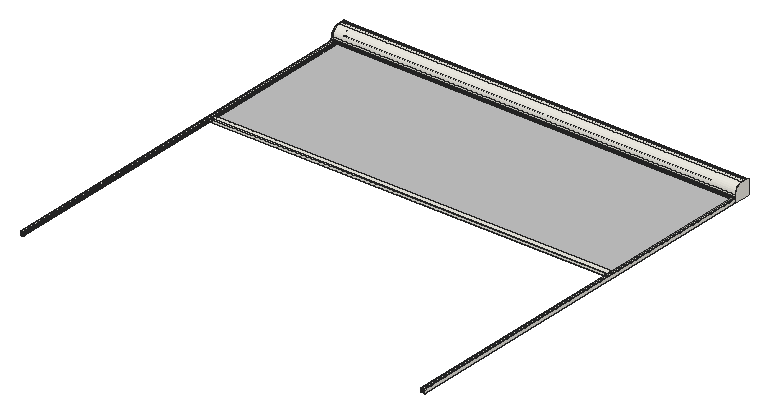
Revit family "Windows_Blinds_Nimex_SC_100", category Specialty Equipment, host Face, Revit 2018
Family settings
  Host = Face
  Round Connector Dimension = Use Diameter
  Part Type = Normal
  OmniClass Number = 23.40.10.14
  OmniClass Title = Exterior Specialties
  Cut with Voids When Loaded = No
  Shared = No
  Room Calculation Point = No
Parameters (values of type "SC 100")
  TotalWidthControl [instance] = if(TotalWidth < 700 mm, 700 mm, if(TotalWidth > 2700 mm, 2700 mm, TotalWidth))  # 2700 mm
  WarrantyStartDate [instance] = "n/a"
  WarrantyGuarantorParts = "n/a"
  WarrantyGuarantorLabor = "n/a"
  WarrantyDurationUnit = "Years"
  WarrantyDurationParts = "n/a"
  WarrantyDurationLabor = "n/a"
  WarrantyDescription = "n/a"
  VersionDate = "15/04/2021"  # constant formula
  Version = "1"  # constant formula
  Uniclass2015Reference = "Ss_25_12_60_65"
  Uniclass2015Description = "Privacy screen systems"
  Uniclass2 = "Ss_25_12_60_65"
  URL = "https://elissi.se/screen-sc100/"
  Type Comments = ""
  TotalWidth [instance] = 2700 mm
  TotalHeight [instance] = 2700 mm
  TagNumber [instance] = "n/a"
  SustainabilityPerformance = "n/a"
  Size = "2700x100x2700 mm"
  Shape = "Sculptured"
  SerialNumber [instance] = "n/a"
  ScreenHeightControl [instance] = if(ScreenHeightPosition < 0 mm, 0 mm, if(ScreenHeightPosition > TotalHeightControl - 147 mm, TotalHeightControl - 147 mm, ScreenHeightPosition))  # 1000 mm
  ScreenHeightPosition [instance] = 1000 mm
  Revision = "n/a"
  ReplacementCost = "n/a"
  ProductInformation = "n/a"
  ProductDatasheet = ""
  NominalWidth [instance] = TotalWidthControl  # 2700 mm
  NominalHeight [instance] = TotalHeightControl  # 2700 mm
  NominalDepth = 100 mm
  Name = "Nimex_SC_100"
  NBSReference = "25-05-60/165"
  NBSDescription = "Privacy screen system"
  ModelReference = "n/a"
  ModelNumber = "n/a"
  Model = "SC 100"
  Material = "Aluminum & plastic"
  ManufacturerURL = "https://www.nimex.se/"
  ManufacturerName = "Nimex"
  Manufacturer = ManufacturerName  # "Nimex"
  InstallationDate [instance] = "n/a"
  IfcExportType = "BLIND"  # constant formula
  IfcExportAs = "IfcShadingDeviceType"  # constant formula
  TotalHeightControl [instance] = if(TotalHeight < 150 mm, 150 mm, if(TotalHeight > 2700 mm, 2700 mm, TotalHeight))  # 2700 mm
  Grade = "n/a"
  Finish = "Profile color Lacquered aluminum profile. White, gray or black. Optional RAL color at extra cost. Material Plastic details in black or white."
  Features = "Sun protection type Fiberglass-based screen weave."
  ExpectedLife = "n/a"
  DurationUnit = "Years"
  Description = ""
  Default Elevation = 0 mm
  Constituents = "n/a"
  Color = "Various"
  CodePerformance = "n/a"
  Category = "Screens"
  Brand = "Elissi"
  BlindSecondaryMaterial [instance] = White steel
  BlindMainMaterial [instance] = 321707 Pearl-white
  Barcode [instance] = "n/a"
  BIMObjectName = "Windows_Blinds_Nimex_SC_100"
  Author = "BIMStone"  # constant formula
  AssetType = "Fixed"
  AssetIdentifier [instance] = "n/a"
  Assembly Code = ""
  AccessibilityPerformance = "n/a"
Reference planes
  plane 1 "Center (Front/Back)": y = 0
  plane 2: z = 0
  plane 3 "Center (Left/Right)": x = 0
  plane 4: x = -1350
  plane 5: x = 1350
  plane 6: y = 2700
  plane 7: z = 100
Dimensions and locks
  equal spacing: plane 4, plane 3 "Center (Left/Right)", plane 5
  "NominalWidth": plane 4 to plane 5
  "NominalHeight": plane 6 to plane 1 "Center (Front/Back)"
  "NominalDepth": plane 2 to plane 7
  aligned and locked: host face to plane 2
  aligned and locked: level to host face
  aligned and locked: nested 1 to plane 2
  aligned and locked: nested 1 to plane 1 "Center (Front/Back)"
  aligned and locked: plane 3 "Center (Left/Right)" to nested 1
Automatic sketch dimensions
  host sketch curve to host sketch curve = 5000 mm
  host sketch curve to host sketch curve = 5719.2 mm
Nested families
  nested 1: "SC_100" at (0, 0, 29.5) x (1, 0, 0) z (0, 1, 0), FrameMaterial <- "BlindSecondaryMaterial", ScreenMaterial <- "BlindMainMaterial", ScreenHeigthControl <- "ScreenHeightControl", TotalHeightControl <- "TotalHeightControl", TotalWidthControl <- "TotalWidthControl", type "SC_100"
    with TotalWidthControl 2700 mm, TotalHeightControl 2700 mm, ScreenMaterial 321707 Pearl-white, ScreenHeigthControl 1000 mm, FrameMaterial White steel
Definition of nested family "SC_100"
  Parameters (values of type "SC_100")
    TotalWidthControl [instance] = 1500 mm
    TotalHeightControl [instance] = 1500 mm
    ScreenMaterial [instance] = none
    ScreenHeigthControl [instance] = 500 mm
    FrameMaterial [instance] = none
    Default Elevation = 1219.2 mm
  Reference planes
    plane 1 "Center (Front/Back)": y = 15.5
    plane 2: z = 0
    plane 3 "Center (Left/Right)": x = 0
    plane 4: x = -750
    plane 5: x = 750
    plane 6: z = 1500
    plane 7: y = 4.5
    plane 8: y = 29.5
    plane 9: y = -70.5
    plane 10: z = 1393
    plane 11: z = 893
    plane 12: z = 853
  Forms (mm)
    Extrusion 1, solid, material <- "FrameMaterial", detail levels coarse
      sketch origin (0, 0, 0) x (1, 0, 0) y (0, 1, 0)
        loop
          line (-750, 29.5) -> (-750, -70.5) -> (750, -70.5) -> (750, 29.5) -> (-750, 29.5)
      from 0 to 1500 <- "TotalHeightControl"
  Lines and regions (mm)
    symbolic lines, detail levels medium+fine
      curve 1: line (0, 4.5, 1393) -> (0, 4.5, 0)
      curve 2: line (0, 29.5, 1393) -> (0, 29.5, 0)
      curve 3: line (0, 29.5, 0) -> (0, 4.5, 0)
      curve 4: line (-750, 15.5, 1500) -> (750, 15.5, 1500)
      curve 6: line (-750, 15.5, 1500) -> (-750, 15.5, 0)
      curve 7: line (750, 15.5, 0) -> (750, 15.5, 1500)
      curve 11: line (-750, 29.5, 0) -> (750, 29.5, 0)
      curve 12: line (-750, -70.5, 0) -> (-750, 29.5, 0)
      curve 13: line (750, -70.5, 0) -> (-750, -70.5, 0)
      curve 14: line (750, 29.5, 0) -> (750, -70.5, 0)
      curve 17: line (-750, 15.5, 0) -> (-725, 15.5, 0)
      curve 20: line (725, 15.5, 0) -> (750, 15.5, 0)
    symbolic lines, detail levels fine
      curve 5: line (-750, 15.5, 1393) -> (750, 15.5, 1393)
      curve 8: line (-725, 15.5, 893) -> (725, 15.5, 893)
      curve 9: line (725, 15.5, 0) -> (725, 15.5, 1393)
      curve 10: line (-725, 15.5, 0) -> (-725, 15.5, 1393)
      curve 15: line (-750, -50.901, 0) -> (750, -50.901, 0)
      curve 16: line (-750, -55.053, 0) -> (750, -55.053, 0)
      curve 18: line (-725, 15.5, 853) -> (725, 15.5, 853)
      curve 21: line (718.498, 24.783, 0) -> (-718.498, 24.783, 0)
      curve 22: line (-718.498, 6.908, 0) -> (718.498, 6.908, 0)
      curve 23: line (0, 20.875, 1393) -> (0, 20.875, 0)
      curve 24: line (0, 10.175, 1393) -> (0, 10.175, 0)
    symbolic lines, detail levels medium
      curve 19: line (-725, 15.5, 0) -> (725, 15.5, 0)
  Dimensions and locks
    "TotalWidthControl": plane 4 to plane 5
    equal spacing: plane 4, plane 3 "Center (Left/Right)", plane 5
    plane 8 to plane 9 = 100 mm
    locked: plane 6 to plane 10 at 107
    "TotalHeightControl": plane 6 to plane 2
    locked: plane 11 to plane 12 at 40
    "ScreenHeigthControl": plane 10 to plane 11
    aligned and locked: level to plane 2
    aligned and locked: plane 5 to nested 2
    aligned and locked: plane 3 "Center (Left/Right)" to nested 3
    aligned and locked: plane 4 to curve 4
    aligned and locked: plane 5 to curve 4
    aligned and locked: plane 5 to curve 5
    aligned and locked: plane 4 to curve 5
    aligned and locked: curve 5 to curve 10
    aligned and locked: plane 10 to curve 9
    aligned and locked: plane 4 to curve 12
    aligned and locked: plane 5 to curve 14
    aligned and locked: curve 13 to plane 9
    aligned and locked: curve 11 to plane 8
    aligned and locked: plane 2 to curve 10
    aligned and locked: plane 8 to nested 3
    aligned and locked: nested 5 to plane 11
    aligned and locked: plane 8 to nested 1
    aligned and locked: nested 2 to plane 8
    aligned and locked: nested 2 to plane 5  (x2)
    aligned and locked: plane 1 "Center (Front/Back)" to nested 5
    aligned and locked: plane 3 "Center (Left/Right)" to nested 5
    aligned and locked: plane 1 "Center (Front/Back)" to nested 4
    aligned and locked: curve 18 to plane 12
    aligned and locked: plane 4 to nested 1
    aligned and locked: curve 10 to nested 1
    aligned and locked: curve 9 to nested 2
    aligned and locked: plane 11 to curve 8
    aligned and locked: plane 6 to nested 3
    aligned and locked: curve 21 to nested 2
    aligned and locked: nested 2 to curve 22
    aligned and locked: curve 21 to nested 1
    aligned and locked: nested 1 to curve 22
    aligned and locked: plane 10 to curve 23
    aligned and locked: plane 10 to curve 24
  Automatic sketch dimensions
    Extrusion 1 sketch curve to plane 4 = 0 mm
    Extrusion 1 sketch curve to plane 5 = 0 mm
    plane 9 to Extrusion 1 sketch curve = 0 mm
    Extrusion 1 sketch curve to plane 8 = 0 mm
    plane 1 "Center (Front/Back)" to curve 22 = 8.592 mm
    curve 21 to plane 8 = 4.717 mm
    curve 16 to plane 9 = 15.447 mm
    curve 16 to curve 15 = 4.152 mm
    curve 6 to plane 6 = 0 mm
    curve 1 to level = 0 mm
    curve 1 to plane 7 = 0 mm
    curve 2 to plane 8 = 0 mm
    curve 1 to plane 10 = 0 mm
    curve 2 to plane 10 = 0 mm
    curve 23 to plane 1 "Center (Front/Back)" = 5.375 mm
    plane 1 "Center (Front/Back)" to curve 24 = 5.325 mm
  Nested families
    nested 1: "SC_100_Legs" at (-750, 15.5, 0), TotalHeight <- "TotalHeightControl", Metal <- "FrameMaterial", type "SC_100_Legs"
      with TotalHeight 1500 mm, Metal none
    nested 2: "SC_100_Legs" at (750, 15.5, 0) x (-1, 0, 0) z (0, 0, 1), TotalHeight <- "TotalHeightControl", Metal <- "FrameMaterial", type "SC_100_Legs"
      with TotalHeight 1500 mm, Metal none
    nested 3: "SC_100_Top" at (0, -17.646, 1393), TotalWidth <- "TotalWidthControl", Metal <- "FrameMaterial", Screen <- "ScreenMaterial", type "SC_100_Top"
      with TotalWidth 1500 mm, SideOffset 35 mm, Screen none, Metal none
    nested 4: "SC_100_Screen" at (0, 15.5, 0), ScreenHeightControl <- "ScreenHeigthControl", TotalHeight <- "TotalHeightControl", TotalWidth <- "TotalWidthControl", Screen <- "ScreenMaterial", type "SC_100_Screen", detail levels medium+fine
      with TotalWidth 1500 mm, TotalHeight 1500 mm, SideOffset 35 mm, ScreenHeightControl 500 mm, Screen none
    nested 5: "SC_100_Screen-Frame" at (0, 15.5, 853), TotalWidth <- "TotalWidthControl", Metal <- "FrameMaterial", type "SC_100_Screen-Frame", detail levels medium+fine
      with TotalWidth 1500 mm, Metal none
  Definition of nested family "SC_100_Legs"
    Parameters (values of type "SC_100_Legs")
      TotalHeight [instance] = 500 mm
      Metal [instance] = none
    Reference planes
      plane 1 "Center (Front/Back)": y = 0
      plane 2: z = 0
      plane 3 "Center (Left/Right)": x = 0
      plane 4: z = 393
      plane 5: z = 500
      plane 6: y = 14
      plane 7: y = -11
      plane 8: x = 25
    Forms (mm)
      Extrusion 1, solid, material <- "Metal", detail levels medium+fine
        sketch origin (67, 0.882, 0) x (1, 0, 0) y (0, 1, 0)
          loop
            line (-59.1, -10.382) -> (-59.1, -5.382) -> (-60.6, -5.382) -> (-60.6, -10.382) -> (-65.5, -10.382) -> (-65.5, 11.618) -> (-60.6, 11.618) -> (-60.6, 6.618) -> (-59.1, 6.618) -> (-59.1, 8.568) -> (-43.5, 8.568) -> (-43.5, 5.618)
            arc (-43.5, 5.618) -> (-42.75, 4.868) -> (-42, 5.618) r 0.75
            line (-42, 5.618) -> (-42, 12.118)
            arc (-42, 12.118) -> (-42.293, 12.825) -> (-43, 13.118) r 1
            line (-43, 13.118) -> (-43.84, 13.118)
            arc (-43.84, 13.118) -> (-44.251, 12.903) -> (-44.309, 12.442) r 0.5
            line (-44.309, 12.442) -> (-43.598, 10.543)
            arc (-43.598, 10.543) -> (-43.656, 10.083) -> (-44.067, 9.868) r 0.5
            line (-44.067, 9.868) -> (-58.539, 9.868)
            arc (-58.539, 9.868) -> (-58.95, 10.083) -> (-59.007, 10.543) r 0.5
            line (-59.007, 10.543) -> (-58.297, 12.442)
            arc (-58.297, 12.442) -> (-58.354, 12.903) -> (-58.765, 13.118) r 0.5
            line (-58.765, 13.118) -> (-66.5, 13.118)
            arc (-66.5, 13.118) -> (-66.854, 12.971) -> (-67, 12.618) r 0.5
            line (-67, 12.618) -> (-67, -11.382)
            arc (-67, -11.382) -> (-66.854, -11.736) -> (-66.5, -11.882) r 0.5
            line (-66.5, -11.882) -> (-43, -11.882)
            arc (-43, -11.882) -> (-42.293, -11.59) -> (-42, -10.882) r 1
            line (-42, -10.882) -> (-42, -7.632)
            arc (-42, -7.632) -> (-42.75, -6.882) -> (-43.5, -7.632) r 0.75
            line (-43.5, -7.632) -> (-43.5, -10.382) -> (-59.1, -10.382)
        from 0 to 393
    Lines and regions (mm)
      symbolic lines, detail levels fine
        curve 1: line (7.9, 9.45, 0) -> (23.5, 9.45, 0)
        curve 2: line (23.5, 9.45, 0) -> (23.5, 6.5, 0)
        curve 3: arc (23.5, 6.5, 0) -> (24.25, 5.75, 0) -> (25, 6.5, 0) r 0.75
        curve 4: line (25, 6.5, 0) -> (25, 13, 0)
        curve 5: arc (25, 13, 0) -> (24.707, 13.707, 0) -> (24, 14, 0) r 1
        curve 6: line (24, 14, 0) -> (23.16, 14, 0)
        curve 7: arc (23.16, 14, 0) -> (22.749, 13.785, 0) -> (22.691, 13.325, 0) r 0.5
        curve 8: line (22.691, 13.325, 0) -> (23.402, 11.425, 0)
        curve 9: arc (23.402, 11.425, 0) -> (23.344, 10.965, 0) -> (22.933, 10.75, 0) r 0.5
        curve 10: line (22.933, 10.75, 0) -> (8.461, 10.75, 0)
        curve 11: arc (8.461, 10.75, 0) -> (8.05, 10.965, 0) -> (7.993, 11.425, 0) r 0.5
        curve 12: line (7.993, 11.425, 0) -> (8.703, 13.325, 0)
        curve 13: arc (8.703, 13.325, 0) -> (8.646, 13.785, 0) -> (8.235, 14, 0) r 0.5
        curve 14: line (8.235, 14, 0) -> (0.5, 14, 0)
        curve 15: arc (0.5, 14, 0) -> (0.146, 13.854, 0) -> (0, 13.5, 0) r 0.5
        curve 16: line (0, 13.5, 0) -> (0, -10.5, 0)
        curve 17: arc (0, -10.5, 0) -> (0.146, -10.854, 0) -> (0.5, -11, 0) r 0.5
        curve 18: line (0.5, -11, 0) -> (24, -11, 0)
        curve 19: arc (24, -11, 0) -> (24.707, -10.707, 0) -> (25, -10, 0) r 1
        curve 20: line (25, -10, 0) -> (25, -6.75, 0)
        curve 21: arc (25, -6.75, 0) -> (24.25, -6, 0) -> (23.5, -6.75, 0) r 0.75
        curve 22: line (23.5, -6.75, 0) -> (23.5, -9.5, 0)
        curve 23: line (23.5, -9.5, 0) -> (7.9, -9.5, 0)
        curve 24: line (7.9, -9.5, 0) -> (7.9, -4.5, 0)
        curve 25: line (7.9, -4.5, 0) -> (6.4, -4.5, 0)
        curve 26: line (6.4, -4.5, 0) -> (6.4, -9.5, 0)
        curve 27: line (6.4, -9.5, 0) -> (1.5, -9.5, 0)
        curve 28: line (1.5, -9.5, 0) -> (1.5, 12.5, 0)
        curve 29: line (1.5, 12.5, 0) -> (6.4, 12.5, 0)
        curve 30: line (6.4, 12.5, 0) -> (6.4, 7.5, 0)
        curve 31: line (6.4, 7.5, 0) -> (7.9, 7.5, 0)
        curve 32: line (7.9, 7.5, 0) -> (7.9, 9.45, 0)
        curve 33: line (13.77, 8.283, 0) -> (13.77, -7.717, 0)
        curve 34: line (13.77, 8.283, 0) -> (17.77, 8.283, 0)
        curve 35: line (17.77, 8.283, 0) -> (17.77, 5.283, 0)
        curve 36: line (28.502, 5.283, 0) -> (17.77, 5.283, 0)
        curve 37: line (17.77, -7.717, 0) -> (13.77, -7.717, 0)
        curve 38: line (17.77, -4.717, 0) -> (29.77, -4.717, 0)
        curve 39: line (17.77, -4.717, 0) -> (17.77, -7.717, 0)
        curve 40: line (28.502, -6.717, 0) -> (28.502, -5.217, 0)
        curve 41: arc (28.502, 7.283, 0) -> (29.088, 8.697, 0) -> (30.502, 9.283, 0) r 2
        curve 42: line (30.502, 9.283, 0) -> (31.502, 9.283, 0)
        curve 43: line (31.502, 9.283, 0) -> (31.502, -8.717, 0)
        curve 44: line (31.502, -8.717, 0) -> (30.502, -8.717, 0)
        curve 45: arc (30.502, -8.717, 0) -> (29.088, -8.131, 0) -> (28.502, -6.717, 0) r 2
        curve 46: line (28.502, 5.283, 0) -> (29.77, 5.283, 0)
        curve 47: line (29.77, 5.783, 0) -> (29.77, -5.217, 0)
        curve 48: line (28.502, 5.783, 0) -> (29.77, 5.783, 0)
        curve 49: line (28.502, -5.217, 0) -> (29.77, -5.217, 0)
        curve 50: line (28.502, 5.783, 0) -> (28.502, 7.283, 0)
    Dimensions and locks
      locked: plane 5 to plane 4 at 107
      "TotalHeight": plane 5 to plane 2
      aligned and locked: level to plane 2
      aligned and locked: plane 4 to Extrusion 1
    Automatic sketch dimensions
      Extrusion 1 sketch curve to Extrusion 1 sketch curve = 0.5 mm  (x4)
      Extrusion 1 sketch curve to Extrusion 1 sketch curve = 1 mm  (x3)
      Extrusion 1 sketch curve to Extrusion 1 sketch curve = 4.9 mm
      Extrusion 1 sketch curve to Extrusion 1 sketch curve = 1.5 mm  (x2)
      Extrusion 1 sketch curve to Extrusion 1 sketch curve = 1.593 mm
      Extrusion 1 sketch curve to Extrusion 1 sketch curve = 0.242 mm
      Extrusion 1 sketch curve to Extrusion 1 sketch curve = 0.468 mm  (x4)
      plane 3 "Center (Left/Right)" to Extrusion 1 sketch curve = 22.933 mm
      Extrusion 1 sketch curve to Extrusion 1 sketch curve = 0.226 mm
      plane 3 "Center (Left/Right)" to Extrusion 1 sketch curve = 23.5 mm
      Extrusion 1 sketch curve to Extrusion 1 sketch curve = 0.567 mm
      Extrusion 1 sketch curve to Extrusion 1 sketch curve = 0.84 mm
      Extrusion 1 sketch curve to Extrusion 1 sketch curve = 0.75 mm  (x2)
      plane 1 "Center (Front/Back)" to Extrusion 1 sketch curve = 11 mm
      Extrusion 1 sketch curve to Extrusion 1 sketch curve = 0 mm
      Extrusion 1 sketch curve to Extrusion 1 sketch curve = 3.25 mm
      plane 1 "Center (Front/Back)" to Extrusion 1 sketch curve = 4.5 mm
      Extrusion 1 sketch curve to plane 1 "Center (Front/Back)" = 6.5 mm
      Extrusion 1 sketch curve to plane 1 "Center (Front/Back)" = 7.5 mm
      Extrusion 1 sketch curve to Extrusion 1 sketch curve = 1.95 mm
      Extrusion 1 sketch curve to Extrusion 1 sketch curve = 1.3 mm
      Extrusion 1 sketch curve to Extrusion 1 sketch curve = 1.075 mm
      Extrusion 1 sketch curve to Extrusion 1 sketch curve = 1.575 mm
      Extrusion 1 sketch curve to Extrusion 1 sketch curve = 1.9 mm
      Extrusion 1 sketch curve to Extrusion 1 sketch curve = 0.175 mm
      Extrusion 1 sketch curve to plane 6 = 0 mm
      plane 3 "Center (Left/Right)" to Extrusion 1 sketch curve = 8.703 mm
      Extrusion 1 sketch curve to Extrusion 1 sketch curve = 6.4 mm
      curve 17 to curve 17 = 0.5 mm  (x2)
      curve 15 to curve 15 = 0.5 mm  (x2)
      curve 15 to curve 29 = 1.414 mm
      curve 27 to curve 27 = 4.9 mm
      curve 28 to curve 31 = 7.001 mm
      curve 30 to curve 1 = 2.46 mm
      curve 26 to curve 23 = 1.5 mm
      curve 29 to curve 12 = 1.922 mm
      curve 29 to curve 14 = 2.37 mm
      curve 12 to curve 11 = 0.5 mm
      curve 13 to curve 12 = 0.5 mm
      curve 23 to curve 37 = 6.135 mm  (x2)
      curve 33 to curve 34 = 4 mm  (x2)
      curve 33 to curve 37 = 4 mm  (x2)
      curve 34 to curve 8 = 7.046 mm
      curve 7 to curve 9 = 2.089 mm
      curve 7 to curve 7 = 0.5 mm
      curve 9 to curve 8 = 0.5 mm
      curve 37 to curve 22 = 5.811 mm
      curve 10 to curve 2 = 4.288 mm
      curve 22 to curve 18 = 1.581 mm
      curve 7 to curve 5 = 0.978 mm
      curve 3 to curve 3 = 0.75 mm
      curve 21 to curve 21 = 0.75 mm
      curve 21 to curve 40 = 3.502 mm
      curve 40 to curve 45 = 2 mm
      curve 41 to curve 42 = 2.828 mm
      curve 44 to curve 43 = 1 mm
      curve 19 to curve 22 = 0.707 mm
      curve 17 to curve 28 = 1.414 mm
      curve 19 to curve 44 = 6.627 mm
      curve 22 to curve 21 = 2.85 mm
      curve 37 to curve 38 = 3 mm
      curve 23 to curve 24 = 5 mm
      curve 38 to curve 36 = 10 mm
      curve 36 to curve 47 = 1.363 mm
      curve 48 to curve 4 = 3.575 mm
      curve 47 to curve 41 = 1.669 mm
      curve 35 to curve 32 = 10.116 mm
      curve 35 to curve 35 = 3 mm
      curve 31 to curve 32 = 1.95 mm
      curve 1 to curve 10 = 1.416 mm
      curve 10 to curve 9 = 0.5 mm  (x2)
      curve 10 to curve 11 = 0.5 mm
      curve 11 to curve 29 = 6.581 mm
      curve 9 to curve 4 = 2.244 mm
      curve 12 to curve 12 = 2.028 mm
      curve 8 to curve 6 = 0.822 mm
      curve 13 to curve 13 = 0.5 mm
      curve 49 to curve 38 = 1.363 mm
      curve 46 to curve 36 = 0 mm  (x2)
      curve 50 to curve 40 = 11 mm
      curve 49 to curve 49 = 1.268 mm
      curve 36 to curve 48 = 0.5 mm
      curve 16 to plane 3 "Center (Left/Right)" = 0 mm
      curve 15 to plane 6 = 0 mm
      curve 17 to plane 7 = 0 mm
      curve 7 to plane 6 = 0 mm
      curve 3 to plane 8 = 0 mm
      curve 19 to plane 8 = 0 mm
      curve 17 to curve 27 = 1 mm
      plane 1 "Center (Front/Back)" to curve 25 = 4.5 mm
      plane 3 "Center (Left/Right)" to curve 25 = 6.4 mm
      plane 3 "Center (Left/Right)" to curve 31 = 6.4 mm
      curve 25 to curve 24 = 1.5 mm
      curve 30 to curve 31 = 1.5 mm
      curve 12 to plane 6 = 2.575 mm
      curve 29 to curve 12 = 1.593 mm
      curve 13 to plane 6 = 0.5 mm
      curve 11 to curve 13 = 0.242 mm
      curve 12 to curve 11 = 0.468 mm
      curve 12 to plane 6 = 0.675 mm
      curve 11 to curve 34 = 5.309 mm
      plane 1 "Center (Front/Back)" to curve 37 = 7.717 mm
      curve 8 to plane 6 = 0.675 mm
      curve 8 to plane 8 = 2.309 mm
      curve 9 to plane 8 = 2.067 mm
      curve 7 to plane 6 = 0.5 mm
      curve 9 to curve 8 = 0.468 mm
      plane 1 "Center (Front/Back)" to curve 22 = 6.75 mm
      curve 22 to plane 8 = 1.5 mm
      curve 9 to curve 1 = 0.567 mm
      curve 6 to curve 6 = 0.84 mm
      curve 22 to curve 19 = 0.5 mm
      plane 8 to curve 36 = 3.502 mm
      plane 1 "Center (Front/Back)" to curve 40 = 6.717 mm
      plane 8 to curve 40 = 3.502 mm
      curve 50 to curve 36 = 0 mm
      curve 40 to curve 49 = 1.268 mm
      curve 41 to curve 42 = 2 mm
      plane 1 "Center (Front/Back)" to curve 44 = 8.717 mm
      curve 41 to curve 43 = 1 mm
      curve 17 to curve 28 = 1 mm
      curve 19 to curve 22 = 0.5 mm
      curve 45 to curve 47 = 1.5 mm
      plane 1 "Center (Front/Back)" to curve 39 = 4.717 mm
      curve 36 to curve 4 = 7.717 mm
      curve 46 to curve 48 = 0.5 mm
      curve 48 to curve 2 = 0.717 mm
      curve 48 to curve 50 = 1.5 mm
      curve 31 to curve 11 = 3.925 mm
      curve 35 to curve 34 = 3 mm
      curve 2 to curve 2 = 2.95 mm
      curve 10 to curve 12 = 0.675 mm
      curve 29 to plane 6 = 1.5 mm
  Definition of nested family "SC_100_Top"
    Parameters (values of type "SC_100_Top")
      TotalWidth [instance] = 500 mm
      SideOffset [instance] = 25 mm
      Screen [instance] = none
      Metal [instance] = none
    Reference planes
      plane 1 "Center (Front/Back)": y = 23.081
      plane 2: z = 0
      plane 3 "Center (Left/Right)": x = 0
      plane 4: x = 250
      plane 5: x = -250
      plane 6: y = 47.146
      plane 7: x = -245
      plane 8: x = 245
      plane 9: z = 107
      plane 10: y = -52.854
      plane 11: x = -225
      plane 12: x = 225
    Forms (mm)
      Extrusion 1, solid, material <- "Metal", detail levels medium+fine
        sketch origin (0, 0, 0) x (0, 1, 0) y (0, 0, 1)
          loop
            arc (47.146, 102.5) -> (45.828, 105.682) -> (42.646, 107) r 4.5
            line (42.646, 107) -> (-48.354, 107)
            arc (-48.354, 107) -> (-51.536, 105.682) -> (-52.854, 102.5) r 4.5
            line (-52.854, 102.5) -> (-52.854, 94.9)
            arc (-52.854, 94.9) -> (-49.833, 93.555) -> (-50.854, 96.7) r 1.81
            line (-50.854, 96.7) -> (-50.854, 98.067)
            arc (-50.854, 98.067) -> (-50.683, 98.443) -> (-50.288, 98.563) r 0.5
            arc (-50.288, 98.563) -> (-47.158, 96.498) -> (-46.839, 92.761) r 4.3
            arc (-46.839, 92.761) -> (-46.846, 92.207) -> (-46.492, 91.782) r 0.8
            arc (-46.492, 91.782) -> (-45.825, 91.72) -> (-45.345, 92.188) r 0.8
            arc (-45.345, 92.188) -> (-45.11, 95.65) -> (-46.862, 98.645) r 5.9
            line (-46.862, 98.645) -> (-47.403, 100.664)
            arc (-47.403, 100.664) -> (-49.669, 103.272) -> (-46.354, 102.3) r 1.8
            arc (-46.354, 102.3) -> (-45.44, 101.554) -> (-44.656, 102.437) r 0.852
            arc (-44.656, 102.437) -> (-44.895, 103.576) -> (-45.494, 104.575) r 3.5
            arc (-45.494, 104.575) -> (-45.568, 105.109) -> (-45.114, 105.4) r 0.5
            line (-45.114, 105.4) -> (39.406, 105.4)
            arc (39.406, 105.4) -> (39.861, 105.109) -> (39.786, 104.575) r 0.5
            arc (39.786, 104.575) -> (39.187, 103.576) -> (38.949, 102.437) r 3.5
            arc (38.949, 102.437) -> (39.732, 101.554) -> (40.646, 102.3) r 0.852
            arc (40.646, 102.3) -> (43.719, 103.573) -> (42.446, 100.5) r 1.8
            arc (42.446, 100.5) -> (41.7, 99.586) -> (42.583, 98.803) r 0.852
            arc (42.583, 98.803) -> (43.723, 99.041) -> (44.721, 99.64) r 3.5
            arc (44.721, 99.64) -> (45.255, 99.714) -> (45.546, 99.26) r 0.5
            line (45.546, 99.26) -> (45.546, 7.74)
            arc (45.546, 7.74) -> (45.255, 7.286) -> (44.721, 7.36) r 0.5
            arc (44.721, 7.36) -> (43.723, 7.959) -> (42.583, 8.198) r 3.5
            arc (42.583, 8.198) -> (41.7, 7.414) -> (42.446, 6.5) r 0.852
            arc (42.446, 6.5) -> (43.719, 3.427) -> (40.646, 4.7) r 1.8
            arc (40.646, 4.7) -> (39.738, 5.447) -> (38.947, 4.577) r 0.853
            arc (38.947, 4.577) -> (41.017, 1.459) -> (44.721, 1.994) r 3.5
            arc (44.721, 1.994) -> (45.255, 2.068) -> (45.546, 1.614) r 0.5
            line (45.546, 1.614) -> (45.546, 0.8)
            arc (45.546, 0.8) -> (46.346, 0) -> (47.146, 0.8) r 0.8
            line (47.146, 0.8) -> (47.146, 102.5)
          loop
            arc (-50.854, 90.257) -> (-47.01, 93.656) -> (-49.494, 98.146) r 4.1
            arc (-49.494, 98.146) -> (-50.448, 97.748) -> (-50.051, 96.793) r 0.731
            arc (-50.051, 96.793) -> (-48.913, 94.05) -> (-51.655, 92.912) r 2.1
            line (-51.655, 92.912) -> (-52.847, 92.912) -> (-52.847, 59.498)
            arc (-52.847, 59.498) -> (-37.324, 22.021) -> (0.153, 6.498) r 53
            line (0.153, 6.498) -> (14.328, 6.498)
            arc (14.328, 6.498) -> (15.098, 6.135) -> (15.31, 5.31) r 1
            arc (15.31, 5.31) -> (16.26, 2.192) -> (19.369, 1.209) r 3.5
            arc (19.369, 1.209) -> (20.188, 0.992) -> (20.546, 0.225) r 1
            line (20.546, 0.225) -> (20.546, -6.501) -> (22.146, -6.501) -> (22.146, 4.514)
            arc (22.146, 4.514) -> (21.366, 5.316) -> (20.544, 4.557) r 0.802
            arc (20.544, 4.557) -> (17.473, 3.381) -> (18.65, 6.451) r 1.8
            arc (18.65, 6.451) -> (19.408, 7.273) -> (18.607, 8.054) r 0.802
            line (18.607, 8.054) -> (0.146, 8.054)
            arc (0.146, 8.054) -> (-35.916, 22.991) -> (-50.854, 59.054) r 51
            line (-50.854, 59.054) -> (-50.854, 90.257)
        from -245 to 245
      Extrusion 2, solid, material <- "Metal", detail levels medium+fine
        sketch origin (0, -5.435, -17.5) x (0, 1, 0) y (0, 0, 1)
          loop
            line (52.581, 18.3) -> (52.581, 120)
            arc (52.581, 120) -> (51.263, 123.182) -> (48.081, 124.5) r 4.5
            line (48.081, 124.5) -> (-42.919, 124.5)
            arc (-42.919, 124.5) -> (-46.101, 123.182) -> (-47.419, 120) r 4.5
            line (-47.419, 120) -> (-47.419, 76.3)
            arc (-47.419, 76.3) -> (-31.895, 38.823) -> (5.581, 23.3) r 53
            line (5.581, 23.3) -> (18.529, 23.3)
            arc (18.529, 23.3) -> (19.246, 22.998) -> (19.529, 22.274) r 1
            arc (19.529, 22.274) -> (20.849, 18.906) -> (24.182, 17.5) r 4.654
            line (24.182, 17.5) -> (51.789, 17.5)
            arc (51.789, 17.5) -> (52.35, 17.737) -> (52.581, 18.3) r 0.8
        from -250 to -245
      Extrusion 3, solid, material <- "Metal", detail levels medium+fine
        sketch origin (0, -5.435, -17.5) x (0, 1, 0) y (0, 0, 1)
          loop
            line (5.581, 23.3) -> (18.529, 23.3)
            arc (18.529, 23.3) -> (19.246, 22.998) -> (19.529, 22.274) r 1
            arc (19.529, 22.274) -> (20.849, 18.906) -> (24.182, 17.5) r 4.654
            line (24.182, 17.5) -> (51.789, 17.5)
            arc (51.789, 17.5) -> (52.35, 17.737) -> (52.581, 18.3) r 0.8
            line (52.581, 18.3) -> (52.581, 120)
            arc (52.581, 120) -> (51.263, 123.182) -> (48.081, 124.5) r 4.5
            line (48.081, 124.5) -> (-42.919, 124.5)
            arc (-42.919, 124.5) -> (-46.101, 123.182) -> (-47.419, 120) r 4.5
            line (-47.419, 120) -> (-47.419, 76.3)
            arc (-47.419, 76.3) -> (-31.895, 38.823) -> (5.581, 23.3) r 53
        from 245 to 250
      Extrusion 4, solid, material <- "Screen", detail levels medium+fine
        sketch origin (0, 0, 0) x (0, 1, 0) y (0, 0, 1)
          loop
            line (33.43, 50.148) -> (32.646, 1) -> (33.646, 1) -> (34.571, 59.004)
            arc (34.571, 59.004) -> (-34.987, 63.468) -> (33.43, 50.148) r 34.923
          loop
            circle (-0.351, 59.004) r 21.5
        from -225 to 225
      Extrusion 5, solid, material <- "Metal", detail levels medium+fine
        sketch origin (0, 0, 0) x (0, 1, 0) y (0, 0, 1)
          loop
            arc (3.876, 77.674) -> (-0.351, 70.004) -> (-4.578, 77.674) r 5
            arc (-4.578, 77.674) -> (-4.595, 78.233) -> (-5.12, 78.427) r 0.5
            arc (-5.12, 78.427) -> (-0.351, 39.004) -> (4.418, 78.427) r 20
            arc (4.418, 78.427) -> (3.893, 78.233) -> (3.876, 77.674) r 0.5
          loop
            arc (1.71, 78.431) -> (-0.351, 71.004) -> (-2.413, 78.431) r 4
            arc (-2.413, 78.431) -> (-2.576, 79.409) -> (-3.501, 79.766) r 1
            arc (-3.501, 79.766) -> (-0.351, 38.004) -> (2.799, 79.766) r 21
            arc (2.799, 79.766) -> (1.874, 79.409) -> (1.71, 78.431) r 1
        from -245 to 245
    Lines and regions (mm)
      symbolic lines, detail levels medium+fine
        curve 1: arc (0, 42.646, 107) -> (0, 45.828, 105.682) -> (0, 47.146, 102.5) r 4.5
        curve 2: line (0, 47.146, 102.5) -> (0, 47.146, 0)
        curve 3: arc (0, 18.747, 0) -> (0, 15.414, 1.406) -> (0, 14.094, 4.774) r 4.654
        curve 4: arc (0, 14.094, 4.774) -> (0, 13.811, 5.498) -> (0, 13.095, 5.8) r 1
        curve 5: line (0, 13.095, 5.8) -> (0, 0.146, 5.8)
        curve 6: line (0, -52.854, 58.8) -> (0, -52.854, 102.5)
        curve 7: arc (0, -52.854, 102.5) -> (0, -51.536, 105.682) -> (0, -48.354, 107) r 4.5
        curve 8: line (0, -48.354, 107) -> (0, 42.646, 107)
        curve 9: line (0, 22.146, 0) -> (0, 18.747, 0)
        curve 103: arc (0, -52.854, 58.8) -> (0, -37.33, 21.323) -> (0, 0.146, 5.8) r 53
      symbolic lines, detail levels fine
        curve 10: line (0, 45.546, 7.74) -> (0, 45.546, 99.26)
        curve 11: arc (0, 45.546, 99.26) -> (0, 45.255, 99.714) -> (0, 44.721, 99.64) r 0.5
        curve 12: arc (0, 44.721, 99.64) -> (0, 43.723, 99.041) -> (0, 42.583, 98.803) r 3.5
        curve 13: arc (0, 42.583, 98.803) -> (0, 41.7, 99.586) -> (0, 42.446, 100.5) r 0.852
        curve 14: arc (0, 42.446, 100.5) -> (0, 43.719, 103.573) -> (0, 40.646, 102.3) r 1.8
        curve 15: arc (0, 40.646, 102.3) -> (0, 39.732, 101.554) -> (0, 38.949, 102.436) r 0.852
        curve 16: arc (0, 38.949, 102.436) -> (0, 39.187, 103.576) -> (0, 39.786, 104.575) r 3.5
        curve 17: arc (0, 39.786, 104.575) -> (0, 39.861, 105.109) -> (0, 39.406, 105.4) r 0.5
        curve 18: line (0, 39.406, 105.4) -> (0, -45.114, 105.4)
        curve 19: arc (0, -45.114, 105.4) -> (0, -45.568, 105.109) -> (0, -45.494, 104.575) r 0.5
        curve 20: arc (0, -45.494, 104.575) -> (0, -44.895, 103.576) -> (0, -44.656, 102.436) r 3.5
        curve 21: arc (0, -44.656, 102.436) -> (0, -45.44, 101.554) -> (0, -46.354, 102.3) r 0.852
        curve 22: arc (0, -46.354, 102.3) -> (0, -49.669, 103.272) -> (0, -47.403, 100.664) r 1.8
        curve 23: line (0, -47.403, 100.664) -> (0, -46.862, 98.645)
        curve 24: arc (0, -46.862, 98.645) -> (0, -45.11, 95.65) -> (0, -45.345, 92.188) r 5.9
        curve 25: arc (0, -45.345, 92.188) -> (0, -45.825, 91.72) -> (0, -46.492, 91.782) r 0.8
        curve 26: arc (0, -46.492, 91.782) -> (0, -46.846, 92.207) -> (0, -46.839, 92.761) r 0.8
        curve 27: arc (0, -46.839, 92.761) -> (0, -47.158, 96.497) -> (0, -50.288, 98.563) r 4.3
        curve 28: arc (0, -50.288, 98.563) -> (0, -50.683, 98.443) -> (0, -50.854, 98.067) r 0.5
        curve 29: line (0, -50.854, 98.067) -> (0, -50.854, 96.7)
        curve 30: arc (0, -50.854, 96.7) -> (0, -49.833, 93.555) -> (0, -52.853, 94.9) r 1.81
        curve 31: arc (0, -52.853, 102.5) -> (0, -51.536, 105.682) -> (0, -48.354, 107) r 4.5
        curve 32: arc (0, 42.646, 107) -> (0, 45.828, 105.682) -> (0, 47.146, 102.5) r 4.5
        curve 33: arc (0, 47.146, 0.8) -> (0, 46.346, 0) -> (0, 45.546, 0.8) r 0.8
        curve 34: line (0, 45.546, 0.8) -> (0, 45.546, 1.614)
        curve 35: arc (0, 45.546, 1.614) -> (0, 45.255, 2.068) -> (0, 44.721, 1.994) r 0.5
        curve 36: arc (0, 44.721, 1.994) -> (0, 41.017, 1.459) -> (0, 38.947, 4.577) r 3.5
        curve 37: arc (0, 38.947, 4.577) -> (0, 39.738, 5.447) -> (0, 40.646, 4.7) r 0.853
        curve 38: arc (0, 40.646, 4.7) -> (0, 43.719, 3.427) -> (0, 42.446, 6.5) r 1.8
        curve 39: arc (0, 42.446, 6.5) -> (0, 41.7, 7.414) -> (0, 42.583, 8.198) r 0.852
        curve 40: arc (0, 42.583, 8.198) -> (0, 43.723, 7.959) -> (0, 44.721, 7.36) r 3.5
        curve 41: arc (0, 44.721, 7.36) -> (0, 45.255, 7.286) -> (0, 45.546, 7.74) r 0.5
        curve 42: line (0, -52.863, 92.912) -> (0, -51.656, 92.912)
        curve 43: arc (0, -51.656, 92.912) -> (0, -48.913, 94.051) -> (0, -50.052, 96.793) r 2.1
        curve 44: arc (0, -50.052, 96.793) -> (0, -50.448, 97.747) -> (0, -49.495, 98.145) r 0.731
        curve 45: arc (0, -49.495, 98.145) -> (0, -47.013, 93.653) -> (0, -50.86, 90.257) r 4.1
        curve 46: line (0, -50.86, 90.257) -> (0, -50.86, 59.054)
        curve 47: line (0, 47.146, 0) -> (0, 22.146, 0)
        curve 48: circle (0, -0.351, 59.004) r 34.923 normal (-1, 0, 0)
        curve 49: circle (0, -0.351, 59.004) r 27.5 normal (-1, 0, 0)
        curve 50: circle (0, -0.351, 59.004) r 27 normal (-1, 0, 0)
        curve 51: circle (0, -0.351, 59.004) r 26.5 normal (-1, 0, 0)
        curve 52: circle (0, -0.351, 59.004) r 26 normal (-1, 0, 0)
        curve 53: circle (0, -0.351, 59.004) r 25.5 normal (-1, 0, 0)
        curve 54: circle (0, -0.351, 59.004) r 25 normal (-1, 0, 0)
        curve 55: circle (0, -0.351, 59.004) r 24.5 normal (-1, 0, 0)
        curve 56: circle (0, -0.351, 59.004) r 24 normal (-1, 0, 0)
        curve 57: circle (0, -0.351, 59.004) r 23.5 normal (-1, 0, 0)
        curve 58: circle (0, -0.351, 59.004) r 23 normal (-1, 0, 0)
        curve 59: circle (0, -0.351, 59.004) r 22.5 normal (-1, 0, 0)
        curve 60: circle (0, -0.351, 59.004) r 22 normal (-1, 0, 0)
        curve 61: circle (0, -0.351, 59.004) r 21.5 normal (-1, 0, 0)
        curve 62: arc (0, 2.799, 79.766) -> (0, -0.351, 38.004) -> (0, -3.501, 79.766) r 21
        curve 63: arc (0, 4.418, 78.427) -> (0, -0.351, 39.004) -> (0, -5.12, 78.427) r 20
        curve 64: arc (0, 3.876, 77.674) -> (0, -0.351, 70.004) -> (0, -4.578, 77.674) r 5
        curve 65: arc (0, -5.12, 78.427) -> (0, -4.595, 78.233) -> (0, -4.578, 77.674) r 0.5
        curve 66: arc (0, 3.876, 77.674) -> (0, 3.893, 78.233) -> (0, 4.418, 78.427) r 0.5
        curve 67: arc (0, 1.71, 78.431) -> (0, -0.351, 71.004) -> (0, -2.413, 78.431) r 4
        curve 68: arc (0, -3.501, 79.766) -> (0, -2.576, 79.409) -> (0, -2.413, 78.431) r 1
        curve 69: arc (0, 1.71, 78.431) -> (0, 1.874, 79.409) -> (0, 2.799, 79.766) r 1
        curve 70: line (0, 42.021, -1) -> (0, 42.021, -35)
        curve 71: line (0, 42.021, -35) -> (0, 42.021, -39)
        curve 72: arc (0, 42.021, -39) -> (0, 41.728, -39.707) -> (0, 41.021, -40) r 1
        curve 73: line (0, 41.021, -40) -> (0, 25.021, -40)
        curve 74: arc (0, 25.021, -40) -> (0, 24.314, -39.707) -> (0, 24.021, -39) r 1
        curve 75: line (0, 24.021, -39) -> (0, 24.021, -35)
        curve 76: line (0, 24.021, -35) -> (0, 24.021, -1)
        curve 77: arc (0, 24.021, -1) -> (0, 24.314, -0.293) -> (0, 25.021, 0) r 1
        curve 78: line (0, 25.021, 0) -> (0, 29.521, 0)
        curve 79: arc (0, 29.521, 0) -> (0, 30.228, -0.293) -> (0, 30.521, -1) r 1
        curve 80: line (0, 30.521, -1) -> (0, 30.521, -2.127)
        curve 81: arc (0, 30.521, -2.127) -> (0, 30.411, -2.583) -> (0, 30.105, -2.939) r 1
        curve 82: arc (0, 30.105, -2.939) -> (0, 33.021, -12) -> (0, 35.938, -2.939) r 5
        curve 83: arc (0, 35.938, -2.939) -> (0, 35.632, -2.583) -> (0, 35.521, -2.127) r 1
        curve 84: line (0, 35.521, -2.127) -> (0, 35.521, -1)
        curve 85: arc (0, 35.521, -1) -> (0, 35.814, -0.293) -> (0, 36.521, 0) r 1
        curve 86: line (0, 36.521, 0) -> (0, 41.021, 0)
        curve 87: arc (0, 41.021, 0) -> (0, 41.728, -0.293) -> (0, 42.021, -1) r 1
        curve 88: line (0, 36.677, -17.258) -> (0, 38.384, -12.665)
        curve 89: arc (0, 38.384, -12.665) -> (0, 39.498, -12.029) -> (0, 40.321, -13.013) r 1
        curve 90: line (0, 40.321, -13.013) -> (0, 40.321, -33.3)
        curve 91: line (0, 40.321, -33.3) -> (0, 40.321, -37.3)
        curve 92: arc (0, 40.321, -37.3) -> (0, 40.028, -38.007) -> (0, 39.321, -38.3) r 1
        curve 93: line (0, 39.321, -38.3) -> (0, 26.721, -38.3)
        curve 94: arc (0, 26.721, -38.3) -> (0, 26.014, -38.007) -> (0, 25.721, -37.3) r 1
        curve 95: line (0, 25.721, -37.3) -> (0, 25.721, -33.3)
        curve 96: line (0, 25.721, -33.3) -> (0, 25.721, -13.013)
        curve 97: arc (0, 25.721, -13.013) -> (0, 26.544, -12.029) -> (0, 27.659, -12.665) r 1
        curve 98: line (0, 27.659, -12.665) -> (0, 29.366, -17.258)
        curve 99: circle (0, 33.021, -7) r 3 normal (-1, 0, 0)
        curve 100: arc (0, 31.693, -17.258) -> (0, 33.021, -14) -> (0, 34.35, -17.258) r 1.9
        curve 101: line (0, 36.677, -17.258) -> (0, 34.35, -17.258)
        curve 102: line (0, 31.693, -17.258) -> (0, 29.366, -17.258)
        curve 104: line (0, 34.571, 59.004) -> (0, 33.521, -4.042)
        curve 105: line (0, 33.423, 50.123) -> (0, 32.521, -4.042)
        curve 106: line (0, 0.14, 8.054) -> (0, 18.607, 8.054)
        curve 107: line (0, 20.546, 0.225) -> (0, 20.546, -6.501)
        curve 108: line (0, 22.146, 4.514) -> (0, 22.146, -6.501)
        curve 109: line (0, 22.146, -6.501) -> (0, 20.546, -6.501)
        curve 110: arc (0, 15.31, 5.31) -> (0, 16.26, 2.192) -> (0, 19.369, 1.209) r 3.5
        curve 111: arc (0, 19.369, 1.209) -> (0, 20.188, 0.992) -> (0, 20.546, 0.225) r 1
        curve 112: arc (0, 22.146, 4.514) -> (0, 21.366, 5.316) -> (0, 20.544, 4.557) r 0.802
        curve 113: arc (0, 20.544, 4.557) -> (0, 17.473, 3.381) -> (0, 18.65, 6.451) r 1.8
        curve 114: arc (0, 18.65, 6.451) -> (0, 19.408, 7.273) -> (0, 18.607, 8.054) r 0.802
        curve 115: arc (0, 14.328, 6.498) -> (0, 15.098, 6.135) -> (0, 15.31, 5.31) r 1
        curve 116: line (0, 0.137, 6.498) -> (0, 14.328, 6.498)
        curve 117: arc (0, -50.86, 59.054) -> (0, -35.923, 22.991) -> (0, 0.14, 8.054) r 51
        curve 118: arc (0, 0.137, 6.498) -> (0, -37.339, 22.021) -> (0, -52.863, 59.498) r 53
        curve 119: circle (0, -0.351, 59.004) r 4 normal (1, 0, 0)
    Dimensions and locks
      equal spacing: plane 4, plane 3 "Center (Left/Right)", plane 5
      "TotalWidth": plane 4 to plane 5
      locked: plane 7 to plane 5 at 5
      locked: plane 4 to plane 8 at 5
      "SideOffset": plane 11 to plane 5
      "SideOffset": plane 12 to plane 4
      aligned and locked: level to plane 2
      aligned and locked: Extrusion 1 to plane 7
      aligned and locked: plane 8 to Extrusion 1
      aligned and locked: Extrusion 3 to plane 8
      aligned and locked: plane 4 to Extrusion 3
      aligned and locked: plane 7 to Extrusion 2
      aligned and locked: Extrusion 2 to plane 5
      aligned and locked: Extrusion 5 to plane 7
      aligned and locked: plane 8 to Extrusion 5
      aligned and locked: Extrusion 4 to plane 11
      aligned and locked: Extrusion 4 to plane 12
    Automatic sketch dimensions
      Extrusion 2 sketch curve to plane 9 = 0 mm
      Extrusion 2 sketch curve to plane 6 = 0 mm
      level to Extrusion 2 sketch curve = 0 mm
      Extrusion 2 sketch curve to plane 6 = 0.793 mm
      Extrusion 2 sketch curve to Extrusion 2 sketch curve = 0.8 mm
      Extrusion 2 sketch curve to plane 6 = 4.5 mm
      plane 1 "Center (Front/Back)" to Extrusion 2 sketch curve = 4.334 mm
      Extrusion 2 sketch curve to Extrusion 2 sketch curve = 5.652 mm
      Extrusion 2 sketch curve to plane 9 = 4.5 mm
      Extrusion 2 sketch curve to Extrusion 2 sketch curve = 4.654 mm
      level to Extrusion 2 sketch curve = 4.8 mm
      Extrusion 2 sketch curve to Extrusion 2 sketch curve = 1 mm
      plane 1 "Center (Front/Back)" to Extrusion 2 sketch curve = 22.935 mm
      Extrusion 3 sketch curve to plane 10 = 0 mm
      Extrusion 3 sketch curve to plane 9 = 0 mm
      Extrusion 3 sketch curve to plane 6 = 0 mm
      Extrusion 3 sketch curve to plane 9 = 4.5 mm
      plane 1 "Center (Front/Back)" to Extrusion 3 sketch curve = 22.935 mm
      level to Extrusion 3 sketch curve = 4.8 mm
      plane 1 "Center (Front/Back)" to Extrusion 3 sketch curve = 9.987 mm
      level to Extrusion 3 sketch curve = 0 mm
      plane 1 "Center (Front/Back)" to Extrusion 3 sketch curve = 4.334 mm
      Extrusion 3 sketch curve to plane 6 = 4.5 mm
      Extrusion 3 sketch curve to plane 6 = 0.8 mm
      Extrusion 3 sketch curve to plane 6 = 0.793 mm
      Extrusion 3 sketch curve to Extrusion 3 sketch curve = 4.654 mm
      Extrusion 3 sketch curve to Extrusion 3 sketch curve = 1 mm
      Extrusion 2 sketch curve to plane 10 = 0 mm
      curve 12 to curve 14 = 0 mm  (x4)
      curve 12 to curve 16 = 0 mm  (x6)
      curve 14 to curve 16 = 0 mm  (x4)
      curve 20 to curve 22 = 0 mm  (x6)
      curve 24 to curve 27 = 0 mm  (x6)
      curve 25 to curve 26 = 0 mm  (x6)
      curve 38 to curve 40 = 0 mm  (x6)
      curve 48 to curve 50 = 0 mm  (x4)
      curve 50 to curve 48 = 0 mm  (x2)
      curve 48 to curve 51 = 0 mm  (x4)
      curve 51 to curve 48 = 0 mm  (x2)
      curve 48 to curve 52 = 0 mm  (x4)
      curve 52 to curve 48 = 0 mm  (x2)
      curve 48 to curve 53 = 0 mm  (x4)
      curve 53 to curve 48 = 0 mm  (x2)
      curve 48 to curve 54 = 0 mm  (x4)
      curve 54 to curve 48 = 0 mm  (x2)
      curve 48 to curve 55 = 0 mm  (x4)
      curve 55 to curve 48 = 0 mm  (x2)
      curve 48 to curve 56 = 0 mm  (x4)
      curve 56 to curve 48 = 0 mm  (x2)
      curve 48 to curve 57 = 0 mm  (x4)
      curve 57 to curve 48 = 0 mm  (x2)
      curve 48 to curve 58 = 0 mm  (x4)
      curve 58 to curve 48 = 0 mm  (x2)
      curve 48 to curve 59 = 0 mm  (x4)
      curve 59 to curve 48 = 0 mm  (x2)
      curve 48 to curve 60 = 0 mm  (x4)
      curve 60 to curve 48 = 0 mm  (x2)
      curve 48 to curve 61 = 0 mm  (x4)
      curve 61 to curve 48 = 0 mm  (x2)
      curve 48 to curve 62 = 0 mm  (x4)
      curve 62 to curve 48 = 0 mm  (x2)
      curve 48 to curve 63 = 0 mm  (x4)
      curve 63 to curve 48 = 0 mm  (x2)
      curve 64 to curve 67 = 0 mm  (x6)
      curve 82 to curve 99 = 0 mm  (x6)
      curve 42 to curve 45 = 1.562 mm
      curve 45 to curve 30 = 0.548 mm
      curve 30 to curve 29 = 1.81 mm
      curve 45 to curve 27 = 0.206 mm
      curve 30 to curve 43 = 0.196 mm
      curve 28 to curve 28 = 0.5 mm  (x2)
      curve 28 to curve 44 = 0.834 mm
      curve 31 to curve 22 = 0.283 mm
      curve 22 to curve 23 = 1.8 mm
      curve 22 to curve 23 = 2.091 mm
      curve 24 to curve 25 = 5.1 mm
      curve 22 to curve 21 = 2.572 mm
      curve 21 to curve 19 = 2.528 mm
      curve 26 to curve 65 = 43.585 mm
      curve 65 to curve 68 = 1.85 mm  (x2)
      curve 65 to curve 54 = 19.5 mm
      curve 68 to curve 64 = 4.821 mm
      curve 64 to curve 69 = 4.821 mm
      curve 69 to curve 66 = 1.85 mm
      curve 74 to curve 74 = 1 mm
      curve 76 to curve 77 = 1 mm  (x2)
      curve 75 to curve 95 = 2.404 mm
      curve 97 to curve 97 = 1 mm
      curve 94 to curve 94 = 1 mm  (x2)
      curve 97 to curve 98 = 1 mm
      curve 97 to curve 102 = 4.9 mm
      curve 77 to curve 79 = 4.5 mm
      curve 81 to curve 79 = 1.127 mm
      curve 79 to curve 80 = 1 mm
      curve 98 to curve 102 = 2.327 mm  (x2)
      curve 80 to curve 82 = 5.477 mm
      curve 100 to curve 100 = 1.9 mm  (x2)
      curve 100 to curve 101 = 1.9 mm
      curve 79 to curve 84 = 5 mm
      curve 84 to curve 85 = 1 mm
      curve 83 to curve 83 = 1 mm  (x2)
      curve 101 to curve 101 = 2.327 mm
      curve 66 to curve 18 = 44.571 mm
      curve 86 to curve 37 = 5.646 mm  (x2)
      curve 17 to curve 15 = 2.528 mm
      curve 88 to curve 88 = 4.9 mm
      curve 93 to curve 93 = 12.6 mm
      curve 88 to curve 89 = 1 mm
      curve 89 to curve 90 = 1 mm
      curve 15 to curve 16 = 2.648 mm
      curve 37 to curve 40 = 2.649 mm
      curve 36 to curve 40 = 0.047 mm  (x2)
      curve 39 to curve 39 = 0.852 mm
      curve 13 to curve 13 = 0.852 mm
      curve 93 to curve 72 = 1.838 mm
      curve 85 to curve 87 = 4.5 mm  (x2)
      curve 14 to curve 32 = 0.283 mm
      curve 90 to curve 70 = 2.404 mm
      curve 13 to curve 11 = 2.528 mm
      curve 39 to curve 41 = 2.528 mm  (x2)
      curve 86 to curve 35 = 4.336 mm
      curve 35 to curve 34 = 0.5 mm  (x2)
      curve 11 to curve 10 = 0.5 mm  (x2)
      curve 33 to curve 33 = 0.8 mm
      curve 72 to curve 93 = 1.838 mm
      curve 91 to curve 71 = 2.86 mm
      curve 95 to curve 75 = 2.86 mm
      curve 75 to curve 96 = 2.404 mm
      curve 70 to curve 90 = 2.404 mm
      curve 90 to curve 101 = 17.117 mm
      curve 98 to curve 97 = 5.001 mm
      curve 88 to curve 90 = 5.595 mm
      curve 98 to curve 82 = 7.801 mm
      curve 82 to curve 81 = 6 mm
      curve 82 to curve 83 = 6 mm
      curve 83 to curve 85 = 1.127 mm
      curve 81 to curve 77 = 4.639 mm
      curve 70 to curve 34 = 3.958 mm
      curve 33 to curve 35 = 0.955 mm
      curve 37 to curve 36 = 2.647 mm
      curve 38 to curve 39 = 2.648 mm
      curve 64 to curve 66 = 5.5 mm
      curve 64 to curve 65 = 5.5 mm
      curve 66 to curve 69 = 1.85 mm
      curve 45 to curve 26 = 5.259 mm
      curve 46 to curve 42 = 3.325 mm
      curve 42 to curve 27 = 1.603 mm
      curve 27 to curve 45 = 0.206 mm
      curve 45 to curve 43 = 0.538 mm
      curve 29 to curve 44 = 1.327 mm
      curve 44 to curve 29 = 1.236 mm
      curve 45 to curve 23 = 2.68 mm
      curve 66 to curve 11 = 45.988 mm
      curve 11 to curve 13 = 2.528 mm
      curve 23 to curve 23 = 2.091 mm
      curve 23 to curve 22 = 1.8 mm
      curve 13 to curve 14 = 2.648 mm
      curve 21 to curve 21 = 0.852 mm
      curve 14 to curve 15 = 0.852 mm
      curve 21 to curve 19 = 2.506 mm
      curve 15 to curve 17 = 2.528 mm
      curve 19 to curve 18 = 0.5 mm  (x2)
      curve 27 to curve 28 = 0 mm  (x2)
      curve 44 to curve 43 = 0 mm  (x2)
      curve 26 to curve 27 = 0 mm  (x2)
      curve 26 to curve 25 = 0.8 mm
      curve 20 to curve 19 = 0 mm  (x2)
      curve 63 to curve 65 = 0.5 mm
      curve 65 to curve 63 = 0 mm
      curve 64 to curve 65 = 0 mm  (x2)
      curve 68 to curve 68 = 1 mm
      curve 62 to curve 68 = 0 mm  (x2)
      curve 68 to curve 67 = 1 mm
      curve 69 to curve 69 = 1 mm
      curve 66 to curve 64 = 0 mm  (x2)
      curve 82 to curve 81 = 0 mm  (x2)
      curve 37 to curve 37 = 0.853 mm
      curve 36 to curve 37 = 0 mm
      curve 16 to curve 15 = 0.852 mm
      curve 15 to curve 16 = 0 mm
      curve 40 to curve 39 = 0 mm  (x2)
      curve 12 to curve 13 = 0 mm  (x2)
      curve 49 to curve 56 = 0 mm  (x4)
      curve 48 to curve 67 = 16 mm
      curve 7 to curve 8 = 6.364 mm
      curve 6 to curve 103 = 53 mm
      curve 103 to curve 4 = 12.987 mm
      curve 4 to curve 5 = 1 mm  (x3)
      curve 4 to curve 3 = 5.654 mm
      curve 103 to curve 8 = 64.261 mm
      curve 1 to curve 2 = 4.5 mm
      curve 9 to curve 3 = 4.654 mm
      curve 3 to curve 4 = 5.654 mm
      curve 5 to curve 6 = 84.606 mm
      curve 6 to curve 7 = 43.931 mm
      curve 3 to curve 9 = 3.399 mm
      curve 9 to curve 2 = 25 mm
      curve 49 to curve 62 = 0 mm  (x3)
      curve 48 to curve 49 = 0 mm
      curve 49 to curve 48 = 0 mm
      curve 49 to curve 50 = 0 mm  (x2)
      curve 49 to curve 51 = 0 mm  (x2)
      curve 49 to curve 52 = 0 mm  (x2)
      curve 49 to curve 53 = 0 mm  (x2)
      curve 49 to curve 54 = 0 mm  (x2)
      curve 49 to curve 55 = 0 mm  (x2)
      curve 49 to curve 57 = 0 mm  (x3)
      curve 49 to curve 58 = 0 mm  (x2)
      curve 49 to curve 59 = 0 mm  (x2)
      curve 49 to curve 60 = 0 mm  (x2)
      curve 49 to curve 61 = 0 mm  (x2)
      curve 49 to curve 63 = 0 mm  (x2)
      curve 50 to curve 51 = 0 mm  (x2)
      curve 50 to curve 52 = 0 mm  (x2)
      curve 50 to curve 53 = 0 mm  (x2)
      curve 50 to curve 54 = 0 mm  (x2)
      curve 50 to curve 55 = 0 mm  (x2)
      curve 50 to curve 56 = 0 mm  (x2)
      curve 50 to curve 57 = 0 mm  (x2)
      curve 50 to curve 58 = 0 mm  (x2)
      curve 50 to curve 59 = 0 mm  (x2)
      curve 50 to curve 60 = 0 mm  (x2)
      curve 50 to curve 61 = 0 mm  (x2)
      curve 50 to curve 62 = 0 mm  (x2)
      curve 50 to curve 63 = 0 mm  (x2)
      curve 51 to curve 52 = 0 mm  (x2)
      curve 51 to curve 53 = 0 mm  (x2)
      curve 51 to curve 54 = 0 mm  (x2)
      curve 51 to curve 55 = 0 mm  (x2)
      curve 51 to curve 56 = 0 mm  (x2)
      curve 51 to curve 57 = 0 mm  (x2)
      curve 51 to curve 58 = 0 mm  (x2)
      curve 51 to curve 59 = 0 mm  (x2)
      curve 51 to curve 60 = 0 mm  (x2)
      curve 51 to curve 61 = 0 mm  (x2)
      curve 51 to curve 62 = 0 mm  (x2)
      curve 51 to curve 63 = 0 mm  (x2)
      curve 52 to curve 53 = 0 mm  (x2)
      curve 52 to curve 54 = 0 mm  (x2)
      curve 52 to curve 55 = 0 mm  (x2)
      curve 52 to curve 56 = 0 mm  (x2)
      curve 52 to curve 57 = 0 mm  (x2)
      curve 52 to curve 58 = 0 mm  (x2)
      curve 52 to curve 59 = 0 mm  (x2)
      curve 52 to curve 60 = 0 mm  (x2)
      curve 52 to curve 61 = 0 mm  (x2)
      curve 52 to curve 62 = 0 mm  (x2)
      curve 52 to curve 63 = 0 mm  (x2)
      curve 53 to curve 54 = 0 mm  (x2)
      curve 53 to curve 55 = 0 mm  (x2)
      curve 53 to curve 56 = 0 mm  (x2)
      curve 53 to curve 57 = 0 mm  (x2)
      curve 53 to curve 58 = 0 mm  (x2)
      curve 53 to curve 59 = 0 mm  (x2)
      curve 53 to curve 60 = 0 mm  (x2)
      curve 53 to curve 61 = 0 mm  (x2)
      curve 53 to curve 62 = 0 mm  (x2)
      curve 53 to curve 63 = 0 mm  (x2)
      curve 54 to curve 55 = 0 mm  (x2)
      curve 54 to curve 56 = 0 mm  (x2)
      curve 54 to curve 57 = 0 mm  (x2)
      curve 54 to curve 58 = 0 mm  (x2)
      curve 54 to curve 59 = 0 mm  (x2)
      curve 54 to curve 60 = 0 mm  (x2)
      curve 54 to curve 61 = 0 mm  (x2)
      curve 54 to curve 62 = 0 mm  (x2)
      curve 54 to curve 63 = 0 mm  (x2)
      curve 55 to curve 56 = 0 mm  (x2)
      curve 55 to curve 57 = 0 mm  (x2)
      curve 55 to curve 58 = 0 mm  (x2)
      curve 55 to curve 59 = 0 mm  (x2)
      curve 55 to curve 60 = 0 mm  (x2)
      curve 55 to curve 61 = 0 mm  (x2)
      curve 55 to curve 62 = 0 mm  (x2)
      curve 55 to curve 63 = 0 mm  (x2)
      curve 56 to curve 57 = 0 mm  (x2)
      curve 56 to curve 58 = 0 mm  (x2)
      curve 56 to curve 59 = 0 mm  (x2)
      curve 56 to curve 60 = 0 mm  (x2)
      curve 56 to curve 61 = 0 mm  (x2)
      curve 56 to curve 62 = 0 mm  (x2)
      curve 56 to curve 63 = 0 mm  (x2)
      curve 57 to curve 58 = 0 mm  (x2)
      curve 57 to curve 59 = 0 mm  (x2)
      curve 57 to curve 60 = 0 mm  (x2)
      curve 57 to curve 61 = 0 mm  (x2)
      curve 57 to curve 62 = 0 mm  (x2)
      curve 57 to curve 63 = 0 mm  (x2)
      curve 58 to curve 59 = 0 mm  (x2)
      curve 58 to curve 60 = 0 mm  (x2)
      curve 58 to curve 61 = 0 mm  (x2)
      curve 58 to curve 62 = 0 mm  (x2)
      curve 58 to curve 63 = 0 mm  (x2)
      curve 59 to curve 60 = 0 mm  (x2)
      curve 59 to curve 61 = 0 mm  (x2)
      curve 59 to curve 62 = 0 mm  (x2)
      curve 59 to curve 63 = 0 mm  (x2)
      curve 60 to curve 61 = 0 mm  (x2)
      curve 60 to curve 62 = 0 mm  (x2)
      curve 60 to curve 63 = 0 mm  (x2)
      curve 61 to curve 62 = 0 mm  (x2)
      curve 61 to curve 63 = 0 mm  (x2)
      curve 62 to curve 63 = 0 mm  (x2)
      curve 105 to curve 104 = 8.955 mm  (x2)
      curve 105 to curve 104 = 1 mm  (x2)
      curve 7 to plane 10 = 0 mm
      curve 7 to plane 9 = 0 mm
      curve 9 to level = 0 mm
      curve 78 to level = 0 mm
      curve 86 to level = 0 mm
      curve 2 to plane 6 = 0 mm
      plane 10 to curve 42 = 1.198 mm
      curve 42 to curve 45 = 0.603 mm
      curve 45 to curve 30 = 0.01 mm
      plane 10 to curve 46 = 1.993 mm
      curve 30 to curve 29 = 0.19 mm
      curve 45 to curve 24 = 0.199 mm
      curve 30 to curve 43 = 0.19 mm
      curve 28 to curve 44 = 0.581 mm
      plane 10 to curve 8 = 4.5 mm
      curve 7 to curve 31 = 0 mm  (x2)
      curve 7 to curve 20 = 0.2 mm
      curve 20 to curve 23 = 0.751 mm
      curve 23 to curve 23 = 0.541 mm
      curve 24 to curve 26 = 4.762 mm
      curve 22 to curve 21 = 1.895 mm
      curve 18 to plane 9 = 1.6 mm
      curve 21 to curve 18 = 0.394 mm
      plane 1 "Center (Front/Back)" to curve 65 = 28.082 mm
      curve 65 to curve 68 = 1.65 mm
      curve 65 to curve 58 = 4.65 mm
      curve 68 to curve 64 = 3 mm
      level to curve 116 = 6.498 mm
      plane 1 "Center (Front/Back)" to curve 116 = 22.944 mm
      curve 118 to curve 117 = 0.002 mm
      curve 116 to curve 5 = 0.009 mm
      curve 117 to curve 103 = 0.007 mm
      curve 67 to curve 69 = 3 mm
      curve 69 to curve 66 = 1.65 mm
      level to curve 4 = 4.8 mm
      plane 1 "Center (Front/Back)" to curve 4 = 9.987 mm
      curve 4 to curve 5 = 0 mm
      curve 4 to curve 115 = 1.233 mm
      plane 1 "Center (Front/Back)" to curve 106 = 4.475 mm
      curve 114 to curve 113 = 0.14 mm
      plane 1 "Center (Front/Back)" to curve 9 = 4.334 mm
      curve 3 to curve 110 = 0.001 mm
      level to curve 111 = 0.225 mm
      curve 3 to curve 111 = 0.799 mm
      plane 1 "Center (Front/Back)" to curve 109 = 2.535 mm
      plane 1 "Center (Front/Back)" to curve 112 = 1.737 mm
      plane 1 "Center (Front/Back)" to curve 109 = 0.935 mm
      curve 76 to plane 1 "Center (Front/Back)" = 0.94 mm
      curve 74 to curve 73 = 1 mm
      curve 75 to curve 95 = 1.7 mm
      curve 96 to curve 97 = 1 mm
      curve 97 to curve 98 = 0.937 mm
      curve 97 to curve 102 = 1.707 mm
      curve 77 to curve 78 = 4.5 mm
      curve 81 to curve 79 = 0 mm
      curve 81 to curve 80 = 1 mm
      curve 80 to curve 82 = 2.5 mm
      curve 102 to curve 100 = 1.328 mm
      curve 100 to curve 101 = 1.328 mm
      curve 84 to level = 1 mm
      curve 80 to curve 84 = 5 mm
      curve 100 to curve 101 = 2.327 mm
      curve 88 to curve 88 = 1.707 mm
      curve 93 to plane 6 = 7.825 mm
